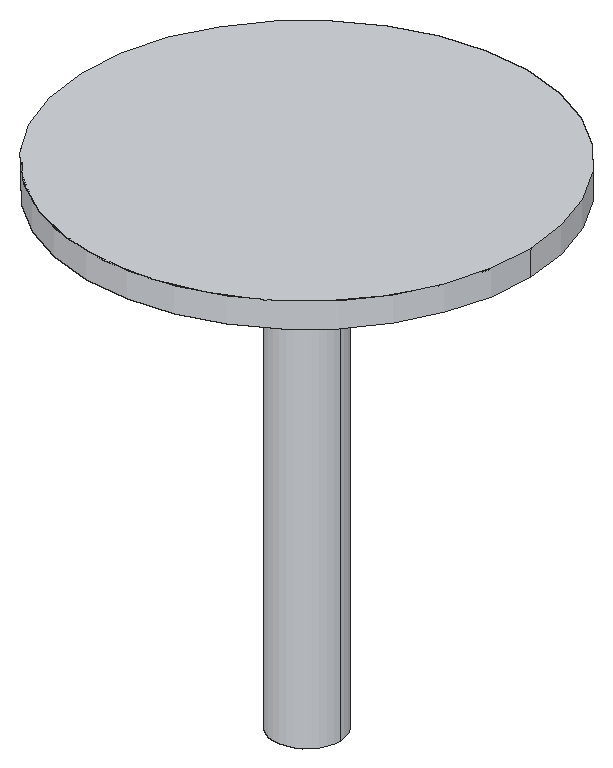
Revit family "225ef1fc2d6c4d86a42345b9843a888f", category Sprinklers, host Face, Revit 2021
Family settings
  Host = Face
  Maintain Annotation Orientation = Yes
  Round Connector Dimension = Use Radius
  Part Type = Normal
  OmniClass Number = 23.65.70.17.11.24
  OmniClass Title = Fire Fighting Sprinkler Heads
  Seek Item ID = Sprinkler - Dry - Horizontal Sidewall - Fully Recessed - Hosted-0000-USA-ENU
  Cut with Voids When Loaded = No
  Shared = No
  Room Calculation Point = No
Parameters (values of type "1/2" Dry Horizontal Sidewall")
  Temperature Rating = 135 °F
  Response = Standard
  Pressure Drop [instance] = 7.00 psi
  Pressure Class = Standard
  Orifice Size = 1/2"
  Orifice = Standard
  K-Factor = 5.6
  Flow [instance] = 30 GPM
  Escutcheon Diameter = 3 5/16"
  Coverage = Standard
  Nominal Diameter = Nominal Radius * 2  # 1/2"
  Nominal Radius = 1/4"
  Escutcheon Radius = 0.5 * Escutcheon Diameter  # 1 21/32"
  Protrusion = 0"
  Overall Length = 4 1/16"
  Escutcheon Thickness = 3/16"
  Default Elevation = 8' - 0"
  CEL = 1/2"
Reference planes (in)
  plane 1 "Center (Front/Back)": y = 0
  plane 2: z = 0
  plane 3 "Center (Left/Right)": x = 0
  plane 4: z = -4.0625
  plane 5: z = 0.1875
  plane 6: z = 0
  plane 7: z = -3.5625
Forms (in)
  Extrusion 1, solid
    sketch origin (0, 0, 0) x (1, 0, 0) y (0, 1, 0)
      loop
        circle (0, 0) r 0.25
    from -3.5625 to 0
  Extrusion 2, solid
    sketch origin (0, 0, 0) x (1, 0, 0) y (0, 1, 0)
      loop
        circle (0, 0) r 1.65625
    from 0 to 0.1875
Cuts and joins
  joined: Extrusion 1, Extrusion 2
Dimensions and locks (in)
  "Escutcheon Thickness": plane 5 to level
  "Protrusion": plane 6 to level
  "Overall Length": plane 6 to plane 4
  "CEL": plane 7 to plane 4
  "Nominal Radius": radius of Extrusion 1 sketch curve
  "Escutcheon Radius": radius of Extrusion 2 sketch curve
  aligned and locked: plane 2 to host face
  aligned and locked: level to host face
  aligned and locked: Extrusion 2 to level
  aligned and locked: plane 5 to Extrusion 2
  aligned and locked: plane 6 to Extrusion 1
  aligned and locked: Extrusion 1 to plane 7
Automatic sketch dimensions
  Extrusion 1 sketch curve to plane 1 "Center (Front/Back)" = 0' - 0"
  Extrusion 1 sketch curve to plane 3 "Center (Left/Right)" = 0' - 0"
  Extrusion 2 sketch curve to plane 1 "Center (Front/Back)" = 0' - 0"
  Extrusion 2 sketch curve to plane 3 "Center (Left/Right)" = 0' - 0"
  host sketch curve to host sketch curve = 8' - 0"  (x2)
Nested families (in)
  nested 1: "Sprinkler - Symbol - Horizontal Sidewall" at (0, 0, 0), type "Sprinkler - Symbol - Horizontal Sidewall"
Connectors (in)
  piping at (0, 0, -3.5625), diameter 0.5, driven by "Nominal Radius", driven by "Flow", driven by "Pressure Drop"
    settings: on cut or joined group of Extrusion 1, Extrusion 2, index 1, connector inside diameter 1/2", connector length 0' - 0", flow factor 0, pipe flow 30 GPM, pressure drop 7.00 psi, fitting loss kfactor 0, connector angle 0.00°, fixture units 0, engagement length 0' - 0", angle of deflection 0.00°, flow configuration 1, flow direction 1, fitting loss method 4, system type 24, joint type 0, gender type 0, connector reference index -1, connector utility 0, adjustable connector no, is connector primary yes, connector description "In"
Definition of nested family "Sprinkler - Symbol - Horizontal Sidewall"
  Parameters
    Symbol Width = Symbol Depth  # 1/16"
    Symbol Half Width = 0.5 * Symbol Width  # 1/32"
    Symbol Depth = 1/16"
  Reference planes (in)
    plane 1: y = 0
    plane 2: x = 0
  Lines and regions (in)
    reference lines
      curve 1: line (-0.03125, 0, 0) -> (-0.03125, 0.0625, 0)
      curve 2: line (-0.03125, 0.0625, 0) -> (0.03125, 0.0625, 0)
      curve 3: line (0.03125, 0.0625, 0) -> (0.03125, 0, 0)
      curve 4: line (-0.03125, 0.0625, 0) -> (0, 0, 0)
      curve 5: line (0, 0, 0) -> (0.03125, 0.0625, 0)
    detail lines
      curve 6: line (-0.03125, 0.0625, 0) -> (0.03125, 0.0625, 0)
      curve 7: line (0.03125, 0.0625, 0) -> (0, 0, 0)
      curve 8: line (-0.03125, 0.0625, 0) -> (0, 0, 0)
  Dimensions and locks (in)
    equal spacing: curve 1, plane 2, curve 3
    "Symbol Depth": plane 1 to curve 2
    "Symbol Half Width": curve 1 to plane 2
    aligned and locked: plane 1 to curve 1
    aligned and locked: curve 6 to curve 2
    aligned and locked: curve 1 to curve 6
    aligned and locked: curve 6 to curve 3
    aligned and locked: curve 7 to curve 5
    aligned and locked: curve 2 to curve 7
    aligned and locked: plane 1 to curve 7
  Automatic sketch dimensions
    curve 5 to plane 1 = 0' - 0"
    curve 4 to plane 2 = 0' - 0"
    curve 3 to plane 1 = 0' - 0"
